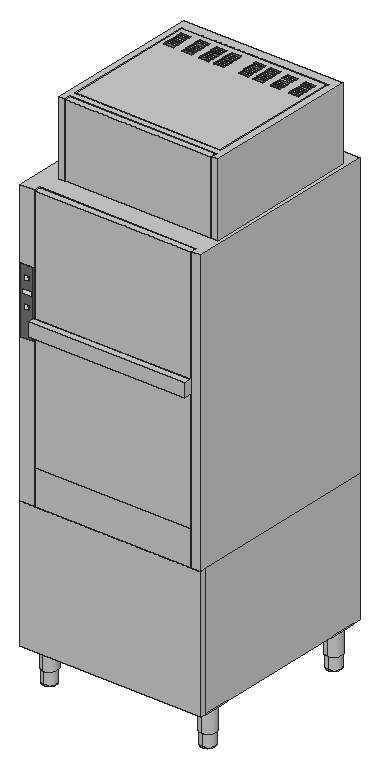
Revit family "QF_COMENDA_6G3211_PA_AA", category Attrezzature speciali, Revit 2021
Family settings
  Quota connettore circolare = Usa diametro
  Tipo di parte = Normale
  Numero OmniClass = 23.40.40.14
  Titolo OmniClass = Food Service Equipment
  Basato su piano di lavoro = No
  Sempre verticale = Sì
  Taglio con vuoti quando caricato = No
  Condiviso = No
  Punto di calcolo locali = No
Parameters (values of type "6G3211_PA_AA")
  URL catalogo = "https://www.comenda.fr/pdf/docs/Gi/GAMME_GI_2023.pdf"
  URL = "www.comenda.fr"
  Tensione = 380 V
  Temperatura raccomandata per acqua calda = 50 °C
  Show Logo [instance] = yes
  Show Clearance [instance] = yes
  Protezione contro le sovracorrenti = 16 A
  Prospetto di default = 0 mm
  Profondità = 845 mm
  Pressione minima acqua calda = 2000.0 Pa
  Potenza elettrica = 7500 W
  Peso netto = 150.00 kg
  Numero dei poli = 3
  Modello = "Gi 505 CRC"
  Produttore = "COMENDA"
  Lunghezza = 740 mm
  Frequenza = 50 Hz
  Fase = 3
  Diametro raccordo acqua calda = 3/4"
  Diametro dello scarico diretto di acqua = 1 1/2"
  Descrizione = "THREE-PHASE FRONT LOADING POTWASHER WITH CRC"
  Corrente di funzionamento normale = 11.5 A
  Assembly Code = ""
  Altezza dello scarico diretto acqua da pavimento finito = 230 mm
  Altezza da terra raccordo acqua calda = 230 mm
  Altezza allacciamento elettrico da pavimento finito = 365 mm
  Altezza = 2145 mm
Reference planes
  plane 1 "Back": y = 0
  plane 2: z = 0
  plane 3 "Left": x = -39.997
  plane 4 "Right": x = 700.003
  plane 5 "Front": y = -813.5
  plane 6 "Top": z = 2145
Forms (mm)
  Extrusion 1, solid
    sketch origin (5.723, -7.595, 146.56) x (1, 0, 0) y (0, 1, 0)
      loop
        line (-25.721, -24.905) -> (-25.721, -134.905) -> (44.279, -134.905) -> (44.279, -24.905) -> (-25.721, -24.905)
      loop
        line (624.279, -24.905) -> (624.279, -134.905) -> (694.279, -134.905) -> (694.279, -24.905) -> (624.279, -24.905)
      loop
        line (-25.721, -671.099) -> (-25.721, -781.099) -> (44.279, -781.099) -> (44.279, -671.099) -> (-25.721, -671.099)
      loop
        line (624.279, -674.517) -> (624.279, -781.099) -> (694.279, -781.099) -> (694.279, -674.517) -> (624.279, -674.517)
    from 0 to 3.44
  Revolve 2, solid
    sketch origin (15.003, -7.595, 0) x (0, 1, 0) y (0, 0, 1)
      loop
        line (-47.905, 56.56) -> (-47.905, 146.56) -> (-79.905, 146.56) -> (-79.905, 0) -> (-56.359, 0)
        arc (-56.359, 0) -> (-53.21, 1.305) -> (-51.905, 4.454) r 4.454
        line (-51.905, 4.454) -> (-51.905, 56.56) -> (-47.905, 56.56)
      axis (-79.905, 0) -> (-79.905, 146.56)
    angle from 0 to 360
  Revolve 3, solid
    sketch origin (665.003, -7.595, 0) x (0, 1, 0) y (0, 0, 1)
      loop
        line (-47.905, 56.56) -> (-47.905, 146.56) -> (-79.905, 146.56) -> (-79.905, 0) -> (-56.359, 0)
        arc (-56.359, 0) -> (-53.21, 1.305) -> (-51.905, 4.454) r 4.454
        line (-51.905, 4.454) -> (-51.905, 56.56) -> (-47.905, 56.56)
      axis (-79.905, 0) -> (-79.905, 146.56)
    angle from 0 to 360
  Revolve 4, solid
    sketch origin (15.003, -649.095, 0) x (0, 1, 0) y (0, 0, 1)
      loop
        line (-51.405, 56.56) -> (-51.405, 146.56) -> (-83.405, 146.56) -> (-83.405, 0) -> (-59.859, 0)
        arc (-59.859, 0) -> (-56.71, 1.305) -> (-55.405, 4.454) r 4.454
        line (-55.405, 4.454) -> (-55.405, 56.56) -> (-51.405, 56.56)
      axis (-83.405, 0) -> (-83.405, 146.56)
    angle from 0 to 360
  Revolve 5, solid
    sketch origin (665.003, -649.095, 0) x (0, 1, 0) y (0, 0, 1)
      loop
        line (-51.405, 56.56) -> (-51.405, 146.56) -> (-83.405, 146.56) -> (-83.405, 0) -> (-59.859, 0)
        arc (-59.859, 0) -> (-56.71, 1.305) -> (-55.405, 4.454) r 4.454
        line (-55.405, 4.454) -> (-55.405, 56.56) -> (-51.405, 56.56)
      axis (-83.405, 0) -> (-83.405, 146.56)
    angle from 0 to 360
  Extrusion 6, solid
    sketch origin (0, 0, 0) x (0, 1, 0) y (0, 0, 1)
      loop
        line (0, 684) -> (-793.5, 684) -> (-793.5, 150) -> (0, 150) -> (0, 684)
    from -39.997 to 700.003
  Extrusion 7, solid
    sketch origin (0, 0, 0) x (0, 1, 0) y (0, 0, 1)
      loop
        line (-793.5, 684) -> (-813.5, 684) -> (-813.5, 150) -> (-793.5, 150) -> (-793.5, 684)
    from -39.997 to 700.003
  Extrusion 8, solid
    sketch origin (0, 0, 710) x (1, 0, 0) y (0, 1, 0)
      loop
        line (700.003, 0) -> (-39.997, 0) -> (-39.997, -813.496) -> (20.003, -813.496) -> (20.003, -788.496) -> (660.003, -788.496) -> (660.003, -813.496) -> (700.003, -813.496) -> (700.003, 0)
    from -26 to 1135
  Extrusion 9, solid
    sketch origin (0, 3.5, 710) x (1, 0, 0) y (0, 1, 0)
      loop
        line (21.503, -791.996) -> (21.503, -816.996) -> (658.503, -816.996) -> (658.503, -791.996) -> (21.503, -791.996)
    from -26 to 115
  Extrusion 10, solid
    sketch origin (0, 3.5, 912.5) x (1, 0, 0) y (0, 1, 0)
      loop
        line (21.503, -791.996) -> (21.503, -816.996) -> (658.503, -816.996) -> (658.503, -791.996) -> (21.503, -791.996)
    from -87 to 462.518
  Extrusion 11, solid
    sketch origin (0, 3.5, 1409.118) x (1, 0, 0) y (0, 1, 0)
      loop
        line (21.503, -791.996) -> (21.503, -816.996) -> (658.503, -816.996) -> (658.503, -791.996) -> (21.503, -791.996)
    from -34.1 to 435.882
  Extrusion 12, solid
    sketch origin (37.5, 0, 173.318) x (0, 1, 0) y (0, 0, 1)
      loop
        line (-813.496, 1201.7) -> (-844.996, 1201.7) -> (-844.996, 1146.7) -> (-813.496, 1146.7) -> (-813.496, 1201.7)
    from -17.5 to 621.003
  Extrusion 13, solid, visible <- "Show Clearance", detail levels coarse
    sketch origin (-15.997, 0, 95.718) x (0, 1, 0) y (0, 0, 1)
      loop
        arc (-813.496, 1275.8) -> (-1178.717, 1124.521) -> (-1329.996, 759.3) r 516.5
        line (-1329.996, 759.3) -> (-813.496, 759.3) -> (-813.496, 1275.8)
    from 37.5 to 674.5
  Extrusion 14, solid, visible <- "Show Clearance", detail levels coarse
    sketch origin (0, 3.5, 1449.118) x (1, 0, 0) y (0, 1, 0)
      loop
        line (21.503, -791.996) -> (21.503, -816.996) -> (658.503, -816.996) -> (658.503, -791.996) -> (21.503, -791.996)
    from 395.882 to 730.9
  Extrusion 15, solid
    sketch origin (0, 0, 700) x (0, 0, 1) y (1, 0, 0)
      loop
        circle (-470, 190.203) r 20
      loop
        circle (-470, 450.003) r 10
      loop
        circle (-335, 450.003) r 15
    from 0 to 2
  Extrusion 16, void
    sketch origin (-25, 3.5, 1845) x (0, 1, 0) y (1, 0, 0)
      loop
        circle (-415.5, 195.003) r 82.5
    from 0 to 20
  Extrusion 17, solid
    sketch origin (-784.997, -813.496, 688.921) x (1, 0, 0) y (0, 0, 1)
      loop
        line (800, 871) -> (750, 871) -> (750, 601) -> (800, 601) -> (800, 871)
    from 0 to 2
  Extrusion 18, solid
    sketch origin (-1984.999, -815.496, 716.572) x (1, 0, 0) y (0, 0, 1)
      loop
        line (1993.501, 752.409) -> (1956.501, 752.409) -> (1956.501, 734.409) -> (1993.501, 734.409) -> (1993.501, 752.409)
      loop
        line (1983.001, 788.909) -> (1983.001, 804.909) -> (1967.001, 804.909) -> (1967.001, 788.909) -> (1983.001, 788.909)
      loop
        line (1983.001, 681.909) -> (1983.001, 697.909) -> (1967.001, 697.909) -> (1967.001, 681.909) -> (1983.001, 681.909)
    from 0 to 1.5
  Extrusion 19, solid
    sketch origin (-2.097, 40.028, 1775) x (1, 0, 0) y (0, 1, 0)
      loop
        line (34.5, -105) -> (34.5, -745) -> (59.5, -745) -> (59.5, -720) -> (659.5, -720) -> (659.5, -745) -> (684.5, -745) -> (684.5, -105) -> (34.5, -105)
      loop
        line (659.5, -695) -> (659.5, -144.872) -> (59.5, -144.872) -> (59.5, -695) -> (659.5, -695)
    from 70 to 370
  Extrusion 20, solid
    sketch origin (-4.257, 40.028, 1845) x (1, 0, 0) y (0, 1, 0)
      loop
        line (655.5, -146.872) -> (59.5, -146.872) -> (59.5, -693) -> (655.5, -693) -> (655.5, -146.872)
    from 0 to 300
  Extrusion 21, solid
    sketch origin (832.403, -679.972, 1775) x (-1, 0, 0) y (0, 0, -1)
      loop
        line (773, -370) -> (773, -72) -> (177, -72) -> (177, -370) -> (773, -370)
    from 0 to 25
  Extrusion 22, solid
    sketch origin (-4.257, 40.028, 2145) x (1, 0, 0) y (0, 1, 0)
      loop
        line (81.448, -174.377) -> (81.448, -184.376) -> (121.448, -184.376) -> (121.448, -174.377) -> (81.448, -174.377)
      loop
        line (81.448, -194.377) -> (81.448, -204.377) -> (121.448, -204.377) -> (121.448, -194.377) -> (81.448, -194.377)
      loop
        line (81.448, -214.377) -> (81.448, -224.377) -> (121.448, -224.377) -> (121.448, -214.377) -> (81.448, -214.377)
      loop
        line (81.448, -234.377) -> (81.448, -244.377) -> (121.448, -244.377) -> (121.448, -234.377) -> (81.448, -234.377)
      loop
        line (81.448, -254.377) -> (81.448, -264.377) -> (121.448, -264.377) -> (121.448, -254.377) -> (81.448, -254.377)
      loop
        line (156.448, -174.377) -> (156.448, -184.376) -> (196.448, -184.376) -> (196.448, -174.377) -> (156.448, -174.377)
      loop
        line (156.448, -194.377) -> (156.448, -204.377) -> (196.448, -204.377) -> (196.448, -194.377) -> (156.448, -194.377)
      loop
        line (156.448, -214.377) -> (156.448, -224.377) -> (196.448, -224.377) -> (196.448, -214.377) -> (156.448, -214.377)
      loop
        line (156.448, -234.377) -> (156.448, -244.377) -> (196.448, -244.377) -> (196.448, -234.377) -> (156.448, -234.377)
      loop
        line (156.448, -254.377) -> (156.448, -264.377) -> (196.448, -264.377) -> (196.448, -254.377) -> (156.448, -254.377)
      loop
        line (226.448, -174.377) -> (226.448, -184.376) -> (266.448, -184.376) -> (266.448, -174.377) -> (226.448, -174.377)
      loop
        line (226.448, -194.377) -> (226.448, -204.377) -> (266.448, -204.377) -> (266.448, -194.377) -> (226.448, -194.377)
      loop
        line (226.448, -214.377) -> (226.448, -224.377) -> (266.448, -224.377) -> (266.448, -214.377) -> (226.448, -214.377)
      loop
        line (226.448, -234.377) -> (226.448, -244.377) -> (266.448, -244.377) -> (266.448, -234.377) -> (226.448, -234.377)
      loop
        line (226.448, -254.377) -> (226.448, -264.377) -> (266.448, -264.377) -> (266.448, -254.377) -> (226.448, -254.377)
      loop
        line (287.448, -174.377) -> (287.448, -184.376) -> (327.448, -184.376) -> (327.448, -174.377) -> (287.448, -174.377)
      loop
        line (287.448, -194.377) -> (287.448, -204.377) -> (327.448, -204.377) -> (327.448, -194.377) -> (287.448, -194.377)
      loop
        line (287.448, -214.377) -> (287.448, -224.377) -> (327.448, -224.377) -> (327.448, -214.377) -> (287.448, -214.377)
      loop
        line (287.448, -234.377) -> (287.448, -244.377) -> (327.448, -244.377) -> (327.448, -234.377) -> (287.448, -234.377)
      loop
        line (287.448, -254.377) -> (287.448, -264.377) -> (327.448, -264.377) -> (327.448, -254.377) -> (287.448, -254.377)
      loop
        line (633.648, -174.377) -> (593.648, -174.377) -> (593.648, -184.376) -> (633.648, -184.376) -> (633.648, -174.377)
      loop
        line (633.648, -194.377) -> (593.648, -194.377) -> (593.648, -204.377) -> (633.648, -204.377) -> (633.648, -194.377)
      loop
        line (633.648, -214.377) -> (593.648, -214.377) -> (593.648, -224.377) -> (633.648, -224.377) -> (633.648, -214.377)
      loop
        line (633.648, -234.377) -> (593.648, -234.377) -> (593.648, -244.377) -> (633.648, -244.377) -> (633.648, -234.377)
      loop
        line (633.648, -254.377) -> (593.648, -254.377) -> (593.648, -264.377) -> (633.648, -264.377) -> (633.648, -254.377)
      loop
        line (558.648, -174.377) -> (518.648, -174.377) -> (518.648, -184.376) -> (558.648, -184.376) -> (558.648, -174.377)
      loop
        line (558.648, -194.377) -> (518.648, -194.377) -> (518.648, -204.377) -> (558.648, -204.377) -> (558.648, -194.377)
      loop
        line (558.648, -214.377) -> (518.648, -214.377) -> (518.648, -224.377) -> (558.648, -224.377) -> (558.648, -214.377)
      loop
        line (558.648, -234.377) -> (518.648, -234.377) -> (518.648, -244.377) -> (558.648, -244.377) -> (558.648, -234.377)
      loop
        line (558.648, -254.377) -> (518.648, -254.377) -> (518.648, -264.377) -> (558.648, -264.377) -> (558.648, -254.377)
      loop
        line (488.648, -174.377) -> (448.648, -174.377) -> (448.648, -184.376) -> (488.648, -184.376) -> (488.648, -174.377)
      loop
        line (488.648, -194.377) -> (448.648, -194.377) -> (448.648, -204.377) -> (488.648, -204.377) -> (488.648, -194.377)
      loop
        line (488.648, -214.377) -> (448.648, -214.377) -> (448.648, -224.377) -> (488.648, -224.377) -> (488.648, -214.377)
      loop
        line (488.648, -234.377) -> (448.648, -234.377) -> (448.648, -244.377) -> (488.648, -244.377) -> (488.648, -234.377)
      loop
        line (488.648, -254.377) -> (448.648, -254.377) -> (448.648, -264.377) -> (488.648, -264.377) -> (488.648, -254.377)
      loop
        line (427.648, -174.377) -> (387.648, -174.377) -> (387.648, -184.376) -> (427.648, -184.376) -> (427.648, -174.377)
      loop
        line (427.648, -194.377) -> (387.648, -194.377) -> (387.648, -204.377) -> (427.648, -204.377) -> (427.648, -194.377)
      loop
        line (427.648, -214.377) -> (387.648, -214.377) -> (387.648, -224.377) -> (427.648, -224.377) -> (427.648, -214.377)
      loop
        line (427.648, -234.377) -> (387.648, -234.377) -> (387.648, -244.377) -> (427.648, -244.377) -> (427.648, -234.377)
      loop
        line (427.648, -254.377) -> (387.648, -254.377) -> (387.648, -264.377) -> (427.648, -264.377) -> (427.648, -254.377)
    from 0 to 0.5
Cuts and joins
  Extrusion 16 cuts Extrusion 8
Lines and regions (mm)
  symbolic lines, style "200-EquipBorder-2D"
    curve 1: line (-39.997, 0, 0) -> (700.003, 0, 0)
    curve 2: line (700.003, 0, 0) -> (700.003, -813.496, 0)
    curve 3: line (662.503, -813.496, 0) -> (662.503, -835.5, 0)
    curve 4: line (662.503, -835.5, 0) -> (20, -835.5, 0)
    curve 5: line (20, -835.5, 0) -> (20, -813.496, 0)
    curve 6: line (700.003, -813.496, 0) -> (-39.997, -813.496, 0)
    curve 7: line (-39.997, -813.496, 0) -> (-39.997, 0, 0)
  symbolic lines, style "200-EquipInternal-2D"
    curve 8: line (21.503, -813.496, 0) -> (21.503, -793.5, 0)
    curve 9: line (21.503, -793.5, 0) -> (662.503, -793.5, 0)
    curve 10: line (662.503, -793.5, 0) -> (662.503, -813.496, 0)
  symbolic lines, style "QF_Door-Drawer Clearances", visible <- "Show Clearance"
    curve 11: line (20, -835.5, 0) -> (20, -1308.114, 0)
    curve 12: line (20, -1308.114, 0) -> (662.503, -1308.114, 0)
    curve 13: line (662.503, -1308.114, 0) -> (662.503, -835.5, 0)
Dimensions and locks
  plane 3 "Left" to plane 4 "Right" = 740 mm
  plane 5 "Front" to plane 1 "Back" = 813.5 mm
  plane 6 "Top" to level = 2145 mm
  Extrusion 6 to Extrusion 15 sketch curve = 80 mm  (x2)
  Extrusion 6 to Extrusion 15 sketch curve = 215 mm
  Extrusion 6 to Extrusion 15 sketch curve = 490 mm  (x2)
  Extrusion 6 to Extrusion 15 sketch curve = 230.2 mm
  "Altezza": plane 6 "Top" to level
  locked: plane 6 "Top" to Extrusion 11 at 769.982
  plane 4 "Right" to plane 3 "Left" = 740 mm
  locked: Extrusion 18 to Extrusion 17 at 108.561
  plane 1 "Back" to plane 5 "Front" = 813.5 mm
  locked: Extrusion 17 to level at 1289.921
  locked: Extrusion 17 to Extrusion 17 at 270
  locked: Extrusion 19 sketch curve to Extrusion 19 sketch curve at 650
  locked: Extrusion 19 sketch curve to Extrusion 19 sketch curve at 640
  locked: Extrusion 19 sketch curve to Extrusion 19 sketch curve at 25  (x3)
  locked: Extrusion 19 to Extrusion 19 at 300
  locked: Extrusion 22 to Extrusion 19 at 0.5
  locked: Extrusion 19 to cut or joined group of Extrusion 8, Extrusion 16 at 300
  locked: Extrusion 14 to cut or joined group of Extrusion 8, Extrusion 16 at 335.018
  aligned and locked: level to plane 2
  aligned and locked: Extrusion 10 to Extrusion 11
  aligned and locked: Extrusion 7 to Extrusion 6
  aligned and locked: Extrusion 7 to plane 3 "Left"
  aligned and locked: Extrusion 19 to Extrusion 20
  aligned and locked: Extrusion 21 to Extrusion 19  (x2)
  aligned and locked: Extrusion 8 to Extrusion 19
  aligned and locked: cut or joined group of Extrusion 8, Extrusion 16 to Extrusion 11
  aligned and locked: Extrusion 12 to Extrusion 10
  aligned and locked: plane 6 "Top" to Extrusion 21
  aligned and locked: plane 6 "Top" to Extrusion 19
  aligned and locked: Extrusion 14 to Extrusion 11
  aligned and locked: Extrusion 20 to Extrusion 11
  aligned and locked: Extrusion 12 to Extrusion 11
Automatic sketch dimensions
  plane 3 "Left" to Extrusion 1 sketch curve = 20 mm  (x2)
  plane 5 "Front" to Extrusion 1 sketch curve = 24.806 mm  (x2)
  Extrusion 1 sketch curve to Extrusion 1 sketch curve = 70 mm  (x2)
  plane 1 "Back" to Extrusion 1 sketch curve = 32.5 mm  (x2)
  plane 4 "Right" to Extrusion 1 sketch curve = 70 mm  (x2)
  plane 4 "Right" to Extrusion 1 sketch curve = 0 mm  (x2)
  Extrusion 1 sketch curve to Extrusion 1 sketch curve = 106.582 mm
  Extrusion 1 sketch curve to Extrusion 1 sketch curve = 110 mm  (x2)
  plane 1 "Back" to Extrusion 1 sketch curve = 142.5 mm
  Revolve 2 sketch curve to level = 0 mm
  plane 1 "Back" to Revolve 2 sketch curve = 87.5 mm
  Revolve 2 sketch curve to Revolve 2 sketch curve = 23.546 mm
  Revolve 2 sketch curve to Revolve 2 sketch curve = 4.454 mm
  Revolve 2 sketch curve to Revolve 2 sketch curve = 4 mm
  Revolve 2 sketch curve to Revolve 2 sketch curve = 52.106 mm
  Revolve 2 sketch curve to Revolve 2 sketch curve = 90 mm
  Revolve 2 sketch curve to Revolve 2 sketch curve = 0 mm  (x2)
  Revolve 2 sketch curve to Revolve 2 sketch curve = 10 mm
  Revolve 3 sketch curve to level = 0 mm
  plane 1 "Back" to Revolve 3 sketch curve = 87.5 mm
  Revolve 3 sketch curve to Revolve 3 sketch curve = 23.546 mm
  Revolve 3 sketch curve to Revolve 3 sketch curve = 4.454 mm
  Revolve 3 sketch curve to Revolve 3 sketch curve = 4 mm
  Revolve 3 sketch curve to Revolve 3 sketch curve = 52.106 mm
  Revolve 3 sketch curve to Revolve 3 sketch curve = 90 mm
  Revolve 3 sketch curve to Revolve 3 sketch curve = 0 mm  (x2)
  Revolve 3 sketch curve to Revolve 3 sketch curve = 10 mm
  Revolve 4 sketch curve to level = 0 mm
  plane 5 "Front" to Revolve 4 sketch curve = 81 mm
  Revolve 4 sketch curve to Revolve 4 sketch curve = 23.546 mm
  Revolve 4 sketch curve to Revolve 4 sketch curve = 4.454 mm
  Revolve 4 sketch curve to Revolve 4 sketch curve = 4 mm
  Revolve 4 sketch curve to Revolve 4 sketch curve = 52.106 mm
  Revolve 4 sketch curve to Revolve 4 sketch curve = 90 mm
  Revolve 4 sketch curve to Revolve 4 sketch curve = 0 mm  (x2)
  Revolve 4 sketch curve to Revolve 4 sketch curve = 10 mm
  Revolve 5 sketch curve to level = 0 mm
  plane 5 "Front" to Revolve 5 sketch curve = 81 mm
  Revolve 5 sketch curve to Revolve 5 sketch curve = 23.546 mm
  Revolve 5 sketch curve to Revolve 5 sketch curve = 4.454 mm
  Revolve 5 sketch curve to Revolve 5 sketch curve = 4 mm
  Revolve 5 sketch curve to Revolve 5 sketch curve = 52.106 mm
  Revolve 5 sketch curve to Revolve 5 sketch curve = 90 mm
  Revolve 5 sketch curve to Revolve 5 sketch curve = 0 mm  (x2)
  Revolve 5 sketch curve to Revolve 5 sketch curve = 10 mm
  Extrusion 6 sketch curve to plane 1 "Back" = 0 mm
  plane 5 "Front" to Extrusion 6 sketch curve = 20 mm
  level to Extrusion 6 sketch curve = 150 mm
  Extrusion 6 sketch curve to Extrusion 6 sketch curve = 534 mm
  Extrusion 7 sketch curve to plane 5 "Front" = 0 mm
  plane 5 "Front" to Extrusion 7 sketch curve = 20 mm
  level to Extrusion 7 sketch curve = 150 mm
  Extrusion 7 sketch curve to Extrusion 7 sketch curve = 534 mm
  plane 1 "Back" to Extrusion 8 sketch curve = 0 mm
  Extrusion 8 sketch curve to plane 3 "Left" = 0 mm
  Extrusion 8 sketch curve to plane 4 "Right" = 0 mm
  plane 5 "Front" to Extrusion 8 sketch curve = 0.004 mm  (x2)
  plane 3 "Left" to Extrusion 8 sketch curve = 60 mm
  plane 4 "Right" to Extrusion 8 sketch curve = 40 mm
  Extrusion 8 sketch curve to Extrusion 8 sketch curve = 25 mm
  plane 5 "Front" to Extrusion 9 sketch curve = 0.004 mm
  plane 3 "Left" to Extrusion 9 sketch curve = 61.5 mm
  plane 4 "Right" to Extrusion 9 sketch curve = 41.5 mm
  Extrusion 9 sketch curve to Extrusion 9 sketch curve = 25 mm
  plane 5 "Front" to Extrusion 10 sketch curve = 0.004 mm
  plane 3 "Left" to Extrusion 10 sketch curve = 61.5 mm
  plane 4 "Right" to Extrusion 10 sketch curve = 41.5 mm
  Extrusion 10 sketch curve to Extrusion 10 sketch curve = 25 mm
  plane 5 "Front" to Extrusion 11 sketch curve = 0.004 mm
  plane 3 "Left" to Extrusion 11 sketch curve = 61.5 mm
  plane 4 "Right" to Extrusion 11 sketch curve = 41.5 mm
  Extrusion 11 sketch curve to Extrusion 11 sketch curve = 25 mm
  plane 5 "Front" to Extrusion 14 sketch curve = 0.004 mm
  plane 3 "Left" to Extrusion 14 sketch curve = 61.5 mm
  plane 4 "Right" to Extrusion 14 sketch curve = 41.5 mm
  Extrusion 14 sketch curve to Extrusion 14 sketch curve = 25 mm
  Extrusion 8 to Extrusion 16 sketch curve = 150 mm
  Extrusion 16 sketch curve to Extrusion 8 = 376.496 mm
  plane 3 "Left" to Extrusion 17 sketch curve = 5 mm
  Extrusion 17 sketch curve to Extrusion 17 sketch curve = 50 mm
  Extrusion 17 sketch curve to plane 6 "Top" = 855.079 mm
  Extrusion 17 sketch curve to Extrusion 17 sketch curve = 270 mm
  plane 3 "Left" to Extrusion 18 sketch curve = 11.5 mm
  plane 3 "Left" to Extrusion 18 sketch curve = 22 mm  (x2)
  Extrusion 18 sketch curve to Extrusion 18 sketch curve = 16 mm  (x4)
  Extrusion 18 sketch curve to Extrusion 18 sketch curve = 37 mm
  Extrusion 18 sketch curve to plane 6 "Top" = 746.518 mm
  Extrusion 18 sketch curve to Extrusion 18 sketch curve = 36.5 mm  (x2)
  Extrusion 18 sketch curve to Extrusion 18 sketch curve = 18 mm
  plane 3 "Left" to Extrusion 19 sketch curve = 72.4 mm
  Extrusion 19 sketch curve to Extrusion 19 sketch curve = 0 mm  (x2)
  plane 5 "Front" to Extrusion 19 sketch curve = 108.528 mm
  Extrusion 19 sketch curve to Extrusion 19 sketch curve = 25 mm  (x2)
  Extrusion 19 sketch curve to Extrusion 19 sketch curve = 39.872 mm
  plane 3 "Left" to Extrusion 20 sketch curve = 95.24 mm
  plane 4 "Right" to Extrusion 20 sketch curve = 48.76 mm
  plane 5 "Front" to Extrusion 20 sketch curve = 160.528 mm
  plane 1 "Back" to Extrusion 20 sketch curve = 106.843 mm
  Extrusion 21 sketch curve to Extrusion 19 = 2 mm
  Extrusion 19 to Extrusion 21 sketch curve = 2 mm  (x2)
  Extrusion 19 to Extrusion 21 sketch curve = 0 mm
  Extrusion 22 sketch curve to Extrusion 20 = 21.948 mm  (x2)
  Extrusion 22 sketch curve to Extrusion 22 sketch curve = 0 mm  (x62)
  Extrusion 22 sketch curve to Extrusion 22 sketch curve = 40 mm  (x8)
  Extrusion 22 sketch curve to Extrusion 22 sketch curve = 35 mm  (x4)
  Extrusion 22 sketch curve to Extrusion 22 sketch curve = 30 mm  (x4)
  Extrusion 22 sketch curve to Extrusion 22 sketch curve = 21 mm  (x4)
  Extrusion 22 sketch curve to Extrusion 22 sketch curve = 60.2 mm
  Extrusion 22 sketch curve to Extrusion 20 = 21.852 mm  (x2)
  Extrusion 22 sketch curve to Extrusion 20 = 117.505 mm
  Extrusion 22 sketch curve to Extrusion 22 sketch curve = 10 mm  (x72)
  Extrusion 12 sketch curve to plane 5 "Front" = 31.496 mm
  plane 5 "Front" to Extrusion 12 sketch curve = 0.004 mm
  Extrusion 12 sketch curve to plane 6 "Top" = 824.982 mm
  Extrusion 12 sketch curve to Extrusion 12 sketch curve = 55 mm
  plane 1 "Back" to curve 1 = 0 mm
  curve 1 to plane 3 "Left" = 0 mm
  curve 2 to plane 4 "Right" = 0 mm
  plane 3 "Left" to curve 11 = 59.997 mm
  curve 5 to curve 9 = 1.503 mm
  plane 4 "Right" to curve 12 = 37.5 mm
  curve 9 to curve 3 = 0 mm
  plane 5 "Front" to curve 10 = 20 mm
  plane 5 "Front" to curve 2 = 0.004 mm
  curve 13 to plane 5 "Front" = 22 mm
  curve 13 to curve 3 = 472.614 mm
  plane 5 "Front" to Extrusion 13 sketch curve = 0.004 mm
  level to Extrusion 13 sketch curve = 855.018 mm
  Extrusion 13 sketch curve to plane 5 "Front" = 516.496 mm
  radius of Extrusion 15 sketch curve = 20 mm
  radius of Extrusion 15 sketch curve = 10 mm
  radius of Extrusion 15 sketch curve = 15 mm
  radius of Extrusion 16 sketch curve = 82.5 mm
Connectors
  piping at (450.003, 2, 230), diameter 19.05, driven by "Diametro raccordo acqua calda"
    settings: on Extrusion 15, index 3, connector inside diameter 24", connector length 0 mm, flow factor 0, pipe flow 0.0 L/s, pressure drop 0.0 Pa, fitting loss kfactor 0, connector angle 0.00°, fixture units 0, engagement length 0 mm, angle of deflection 0.00°, flow configuration 0, flow direction 1, fitting loss method 0, system type 19, joint type 0, gender type 0, connector reference index -1, connector utility 0, adjustable connector no, is connector primary yes, connector description "QF_Water Inlet"
  electrical at (450.003, 2, 365), driven by "Numero dei poli", driven by "Tensione", driven by "Potenza elettrica"
    settings: on Extrusion 15, index 5, voltage 380 V, apparent load 7500 VA, apparent load phase1 0 VA, apparent load phase2 0 VA, apparent load phase3 0 VA, power factor 1, load classification "Altro", number of poles 3, system type 30, power factor state 1, is connector primary yes, connector utility no, sub classification motor no, connector description "QF_Electrical Connection"
  piping at (190.203, 2, 230), diameter 38.1, driven by "Diametro dello scarico diretto di acqua"
    settings: on Extrusion 15, index 6, connector inside diameter 24", connector length 0 mm, flow factor 0, pipe flow 0.0 L/s, pressure drop 0.0 Pa, fitting loss kfactor 0, connector angle 0.00°, fixture units 0, engagement length 0 mm, angle of deflection 0.00°, flow configuration 0, flow direction 2, fitting loss method 0, system type 16, joint type 0, gender type 0, connector reference index -1, connector utility 0, adjustable connector no, is connector primary no, connector description "QF_Drain Connection"
